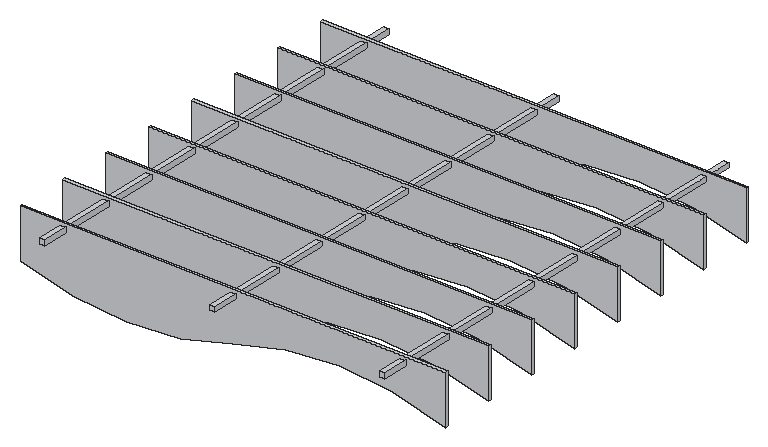
Revit family "J2 PET Felt Wave Baffle System A", category Specialty Equipment, Revit 2021
Family settings
  Round Connector Dimension = Use Diameter
  Part Type = Normal
  Work Plane-Based = No
  Always vertical = Yes
  Cut with Voids When Loaded = No
  Shared = No
  Room Calculation Point = No
Parameters (values of type "Wave Baffle System A 8'-0"x7'-11"x11"")
  Overall Width (Max. 7'-11") = 7' - 11"
  URL = "https://www.j2systems.net/"
  Symbol Name = "CSBSWV-A"
  Style Number = "CSBSWV-A"
  Release Date = "2019"
  Product Line = "Ceiling System"
  Number of Support Rails Needed = if([Overall Width (Max. 7'-11")] > 5' 6", 3, 2)  # 3
  End Spacing = ([Nominal Length (Max. 8'-0")] / Number of Baffles / 2)  # 0' - 6"
  Number of Baffles = 8
  Model = "Wave Baffle System A"
  Manufacturer = "J2 Systems"  # constant formula
  Nominal Length (Max. 8'-0") = 8' - 0"
  Felt Color = none
  Default Elevation = 0' - 0"
  Baffle Spacing [instance] = 1' - 0"
  Baffle Height @ Narrow End = 0' - 6"
  Baffle Height at ends (Max. 3'-8") = 0' - 11"
Types (2): name | Overall Width (Max. 7'-11") | Number of Support Rails Needed
  Wave Baffle System A 8'-0"x7'-11"x11" | 7' - 11" | 3
  Wave Baffle System A 8'-0"x3'-11"x11" | 3' - 11" | 2
Reference planes (in)
  plane 1 "Center (Front/Back)": y = 0
  plane 2: z = 0
  plane 3 "Center (Left/Right)": x = 0
  plane 4: y = 48
  plane 5: y = -48
  plane 6: x = -47.5
  plane 7: x = 47.5
  plane 8 "Top Edge": z = 11
  plane 9: y = 42
  plane 10: y = -42
  plane 11 "Center L/S": z = 10.25
Dimensions and locks (in)
  equal spacing: plane 4, plane 1 "Center (Front/Back)", plane 5
  equal spacing: plane 6, plane 3 "Center (Left/Right)", plane 7
  "Nominal Length (Max. 8'-0")": plane 4 to plane 5
  "Overall Width (Max. 7'-11")": plane 6 to plane 7
  "Baffle Height at ends (Max. 3'-8")": plane 8 "Top Edge" to level
  locked: plane 6 to nested 1 at 9
  equal spacing: group 1, group 11, group 2  (x3)
  locked: nested 2 to plane 7 at 9
  "End Spacing": plane 4 to plane 9
  "End Spacing": plane 10 to plane 5
  plane 8 "Top Edge" to plane 11 "Center L/S" = 0' - 0 3/4"
  equal spacing: group 3, group 5, group 6, group 7, group 8, group 9, group 10, group 4  (x2)
  equal spacing: group 4, group 10, group 9, group 8, group 7, group 6, group 5, group 3
  aligned and locked: plane 2 to level
  aligned and locked: plane 11 "Center L/S" to nested 2
  aligned and locked: plane 11 "Center L/S" to nested 1
  aligned and locked: nested 3 to plane 9
  aligned and locked: nested 4 to plane 10
Nested families (in)
  nested 1: "Aluminum Support Rail" at (-37.9375, 0, 9.125), type "Aluminum Support Rail"
    with Length 8' - 0"
  nested 2: "Aluminum Support Rail" at (37.9375, 0, 9.125), type "Aluminum Support Rail"
    with Length 8' - 0"
  nested 3: "J2 PET Felt Wave Baffle Single" at (0, 42, 0), type "Wave Baffle 7'-11" x 11""
  nested 4: "J2 PET Felt Wave Baffle Single" at (0, -42, 0), type "Wave Baffle 7'-11" x 11""
  nested 5: "J2 PET Felt Wave Baffle Single" at (0, 30, 0), type "Wave Baffle 7'-11" x 11""
  nested 6: "J2 PET Felt Wave Baffle Single" at (0, 18, 0), type "Wave Baffle 7'-11" x 11""
  nested 7: "J2 PET Felt Wave Baffle Single" at (0, 6, 0), type "Wave Baffle 7'-11" x 11""
  nested 8: "J2 PET Felt Wave Baffle Single" at (0, -6, 0), type "Wave Baffle 7'-11" x 11""
  nested 9: "J2 PET Felt Wave Baffle Single" at (0, -18, 0), type "Wave Baffle 7'-11" x 11""
  nested 10: "J2 PET Felt Wave Baffle Single" at (0, -30, 0), type "Wave Baffle 7'-11" x 11""
  nested 11: "Aluminum Support Rail" at (0, 0, 9.125), type "Aluminum Support Rail"
    with Length 8' - 0"
Definition of nested family "Aluminum Support Rail"
  Parameters (values of type "Aluminum Support Rail")
    URL = "https://www.j2systems.net/"
    Symbol Name = "CSBFRE"
    Style Number = "CSBFRE"
    Release Date = "2019"
    Product Line = "Ceiling System"
    Model = "Rectangular Baffle Single"
    Manufacturer = "J2 Systems"  # constant formula
    Length = 7' - 11"
    Default Elevation = 0' - 0"
  Reference planes (in)
    plane 1 "Center (Front/Back)": y = 0
    plane 2: z = 0
    plane 3 "Center (Left/Right)": x = 0
    plane 4: y = 47.5
    plane 5: y = -47.5
    plane 6: x = -0.5625
    plane 7: x = 0.5625
    plane 8: z = 11
  Forms (in)
    Extrusion 1, solid
      sketch origin (0, 0, 0) x (1, 0, 0) y (0, 1, 0)
        loop
          line (-0.5625, 47.5) -> (-0.5625, -47.5) -> (0.5625, -47.5) -> (0.5625, 47.5) -> (-0.5625, 47.5)
      from 0 to 1.125
  Dimensions and locks (in)
    equal spacing: plane 6, plane 3 "Center (Left/Right)", plane 7
    locked: plane 8 to level at 11
    equal spacing: plane 4, plane 1 "Center (Front/Back)", plane 5
    plane 6 to plane 7 = 0' - 1 1/8"
    "Length": plane 4 to plane 5
    aligned and locked: plane 2 to level
    aligned and locked: plane 7 to Extrusion 1
    aligned and locked: Extrusion 1 to plane 6
    aligned and locked: Extrusion 1 to plane 5
    aligned and locked: plane 4 to Extrusion 1
  Automatic sketch dimensions
    Extrusion 1 sketch curve to plane 5 = 0' - 0"
    Extrusion 1 sketch curve to plane 6 = 0' - 0"
    Extrusion 1 sketch curve to plane 7 = 0' - 0"
    Extrusion 1 sketch curve to plane 4 = 0' - 0"
Definition of nested family "J2 PET Felt Wave Baffle Single"
  Parameters (values of type "Wave Baffle 7'-11" x 11"")
    URL = "https://www.j2systems.net/"
    Symbol Name = "CSBFWV"
    Style Number = "CSBFWV"
    Release Date = "2019"
    Product Line = "Ceiling System"
    Model = "Wave Baffle Single"
    Manufacturer = "J2 Systems"  # constant formula
    Baffle Length (Max. 7'-11") = 7' - 11"
    Felt Color = none
    Default Elevation = 0' - 0"
    Baffle Height (Max. 3'-11") = 0' - 11"
  Reference planes (in)
    plane 1 "Center (Front/Back)": y = 0
    plane 2: z = 0
    plane 3 "Center (Left/Right)": x = 0
    plane 4: y = 0.25
    plane 5: y = -0.25
    plane 6: x = -47.5
    plane 7: x = 47.5
    plane 8: z = 11
    plane 9: x = -23.75
    plane 10: x = 23.75
  Forms (in)
    Extrusion 1, solid, material <- "Felt Color"
      sketch origin (0, 0, 0) x (1, 0, 0) y (0, 0, 1)
        loop
          arc (-47.5, 0) -> (-23.75, -4) -> (0, 0) r 72.50781
          arc (0, 0) -> (23.75, 4) -> (47.5, 0) r 72.50781
          line (47.5, 0) -> (47.5, 11) -> (-47.5, 11) -> (-47.5, 0)
      from -0.25 to 0.25
  Dimensions and locks (in)
    plane 6 to plane 9 to plane 3 "Center (Left/Right)" to plane 10 to plane 7 = 1' - 11 3/4", 1' - 11 3/4", 1' - 11 3/4", 1' - 11 3/4"
    "Baffle Length (Max. 7'-11")": plane 6 to plane 7
    "Baffle Height (Max. 3'-11")": plane 8 to level
    equal spacing: plane 7, plane 10, plane 3 "Center (Left/Right)", plane 9, plane 6
    aligned and locked: plane 2 to level
    aligned and locked: plane 7 to Extrusion 1 sketch curve
    aligned and locked: plane 3 "Center (Left/Right)" to Extrusion 1 sketch curve  (x2)
    aligned and locked: plane 6 to Extrusion 1 sketch curve
    aligned and locked: plane 7 to Extrusion 1
    aligned and locked: plane 8 to Extrusion 1
    aligned and locked: Extrusion 1 to plane 6
  Automatic sketch dimensions
    Extrusion 1 sketch curve to plane 9 = 0' - 0"
    plane 10 to Extrusion 1 sketch curve = 0' - 0"
    Extrusion 1 sketch curve to level = 0' - 0"
    Extrusion 1 sketch curve to plane 8 = 0' - 0"
    Extrusion 1 sketch curve to level = 5' - 8 65/128"
